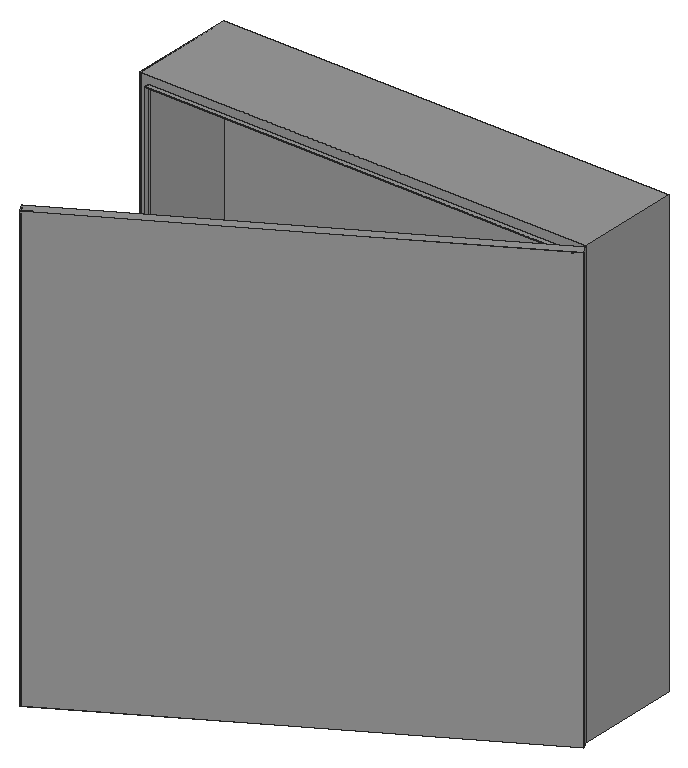
Revit family "Hager-Univers-IP54-D205-H800-Cl.I-Encl-NoHosted-CH-it", category Electrical Equipment, Revit 2020
Family settings
  Panel Configuration = Two Columns, Circuits Across
  Round Connector Dimension = Use Diameter
  Part Type = Panelboard
  Work Plane-Based = Yes
  Always vertical = Yes
  Cut with Voids When Loaded = No
  Shared = No
  Room Calculation Point = No
Parameters (values of type "A parete IP54 L800 A800 P205  - FP53TW2")
  Width Control [instance] = if([EF000008 - Larghezza] > Min Width, [EF000008 - Larghezza], Min Width)  # 800 mm
  Type Comments = [HG000003 - Gamma]  # "Univers"
  Thickness Door [instance] = if([EF009171 - spessore materiale porta/coperchio] > 3 mm, 3 mm, [EF009171 - spessore materiale porta/coperchio])  # 1 mm
  Seal Frame Offset [instance] = 17 mm  # constant formula
  Plinth Visibility [instance] = [HG000027 - Altezza dello zoccolo] > 0 mm  # no
  Min Width [instance] = 100 mm  # constant formula
  Min Depth [instance] = (2 * [EF009170 - spessore materiale scatola]) + 1 mm  # 3 mm
  Min Height [instance] = 100 mm  # constant formula
  Internal Frame Depth [instance] = (Door System Depth * 0.5)  # 9 mm
  Panel Name [instance] = ""  # (empty or 0)
  Model = ""
  HG000027 - Altezza dello zoccolo = 0 mm
  HG000026 - A pavimento = no
  HG000024 - Altezza della sezione inferiore = 600 mm
  HG000023 - Custodia a doppia sezione = no
  HG000016 - Visibilità delle porte nella vista 3D [instance] = yes
  HG000015 - Visibilità attraverso la porta [instance] = no
  HG000014 - Porta destra [instance] = yes
  HG000013 - Porta sinistra [instance] = not([HG000014 - Porta destra])  # no
  HG000012 - Angolo di apertura della porta [instance] = 30.00°
  HG000010 - Porte asimmetriche = no
  HG000009 - Porta doppia a battente = no
  HG000006 - Ad incasso = no
  HG000004 - Codice produttore = "FP53TW2"
  HG000003 - Gamma = "Univers"
  HG000002 - Con porta = yes
  Frame Offset Bottom [instance] = 10 mm  # constant formula
  Frame Offset [instance] = 15 mm  # constant formula
  EF015940 - Coprire con rilascio di sovrapressione = no
  EF011959 - tipo di protezione (NEMA) = ""
  EF009554 - numero delle aperture per la piastra della flangia = 6
  EF009212 - esecuzione coperchio = "EV000116 - chiuso"
  EF009171 - spessore materiale porta/coperchio = 1 mm
  EF009170 - spessore materiale scatola = 1 mm
  EF008873 - corrente nominale (In) = 250 A
  EF007800 - adatto per parafulmine = no
  EF006306 - con serratura = no
  EF006244 - coperchio/porta trasparente = no
  EF005474 - grado di protezione (IP) = "EV006419 - IP54"
  EF004464 - tipo di porta = "EV002646 - singolo"
  EF004427 - numero di moduli = 180
  EF004293 - resistenza agli urti = "EV006815 - IK09"
  EF003532 - adatto per uso esterno = no
  EF002950 - Numero moduli DIN = 36
  EF001613 - Integrità del circuito = "EV000494 - senza"
  EF001596 - Attacco Lampada = "EV000179 - acciaio"
  EF001131 - profondità interna = 205 mm
  EF001088 - possibilità di applicazione = yes
  EF000437 - numero di ingressi per conduttori = 6
  EF000339 - tipo di copertura = "EV001012 - coperchio"
  EF000266 - numero di file = 5
  EF000218 - profondità di incasso = 205 mm
  EF000118 - con piastra di montaggio = no
  EF000116 - numero RAL = "9010"
  EF000049 - profondità = 205 mm
  EF000040 - Altezza = 800 mm
  EF000008 - Larghezza = 800 mm
  EF000007 - colore = "EV000202 - bianco"
  EF000003 - Tipo di montaggio = "EV000384 - A parete"
  Door System Leaf Tolerance [instance] = 1.5 mm  # constant formula
  Door System Depth [instance] = 18 mm  # constant formula
  Door Height [instance] = Height Control - [HG000027 - Altezza dello zoccolo]  # 800 mm
  Description = ""
  Default Elevation = 1219.2 mm
  Connector Offset [instance] = Height Control / 2  # 400 mm
  Manufacturer = "Hager"  # constant formula
  Height Control [instance] = if([EF000040 - Altezza] > Min Height, [EF000040 - Altezza], Min Height)  # 800 mm
  Depth Control [instance] = if([EF000049 - profondità] > Min Depth, [EF000049 - profondità], Min Depth)  # 205 mm
  Bottom Top Plate Trim [instance] = 1.5 mm  # constant formula
  Plinth height Ctrl [instance] = if([HG000027 - Altezza dello zoccolo] > 0 mm, [HG000027 - Altezza dello zoccolo], 12 mm)  # 12 mm
Types (5, lengths in mm): name | Width Control | HG000004 - Codice produttore | EF009554 - numero delle aperture per la piastra della flangia | EF004464 - tipo di porta | EF004427 - numero di moduli | EF002950 - Numero moduli DIN | EF000437 - numero di ingressi per conduttori | EF000008 - Larghezza
  A parete IP54 L1050 A800 P205  - FP54TW2 | 1050 | "FP54TW2" | 8 | "EV003602 - doppio" | 240 | 48 | 8 | 1050
  A parete IP54 L1300 A800 P205  - FP55TW2 | 1300 | "FP55TW2" | 10 | "EV003602 - doppio" | 300 | 60 | 10 | 1300
  A parete IP54 L300 A800 P205  - FP51TW2 | 300 | "FP51TW2" | 2 | "EV002646 - singolo" | 60 | 12 | 2 | 300
  A parete IP54 L550 A800 P205  - FP52TW2 | 550 | "FP52TW2" | 4 | "EV002646 - singolo" | 120 | 24 | 4 | 550
  A parete IP54 L800 A800 P205  - FP53TW2 | 800 | "FP53TW2" | 6 | "EV002646 - singolo" | 180 | 36 | 6 | 800
Reference planes
  plane 1 "Center (Front/Back)": y = 0
  plane 2: z = 0
  plane 3 "Center (Left/Right)": x = 0
  plane 4: y = 0
  plane 5: y = 0
  plane 6: z = 0
  plane 7: x = -400
  plane 8: x = 400
  plane 9: x = 399
  plane 10: x = -399
  plane 11: z = 0
  plane 12: z = 1
  plane 13: y = -205
  plane 14: y = -1
  plane 15: x = 0
  plane 16: y = -187
  plane 17: y = -204
  plane 18: y = -186
  plane 19: x = -384
  plane 20: x = 384
  plane 21: z = 11
  plane 22: x = -383
  plane 23: x = 383
  plane 24: z = 0
  plane 25: z = 800
  plane 26: z = 800
  plane 27: z = 784
  plane 28: z = 799
Forms (mm)
  Extrusion 1, solid, material "Hager_Steel_RAL7035_Light_Grey", detail levels medium+fine
    sketch origin (-208.679, -4572, 0) x (-1, 0, 0) y (0, -1, 0)
      loop
        line (191.321, -4385) -> (-608.679, -4385) -> (-608.679, -4572) -> (191.321, -4572) -> (191.321, -4385)
    from 0 to 800
  Extrusion 2, void
    sketch origin (-350.771, -205, 1219.2) x (1, 0, 0) y (0, 0, 1)
      loop
        line (-48.229, -420.2) -> (-48.229, -1218.2) -> (749.771, -1218.2) -> (749.771, -420.2) -> (-48.229, -420.2)
    from -19 to -204
  Extrusion 3, void
    sketch origin (-290.084, -187, 1219.2) x (1, 0, 0) y (0, 0, 1)
      loop
        line (-93.916, -1208.2) -> (674.084, -1208.2) -> (674.084, -435.2) -> (-93.916, -435.2) -> (-93.916, -1208.2)
    from 0 to -1
  Extrusion 4, solid, material "Hager_Steel_RAL7035_Light_Grey", visible <- "Plinth Visibility", detail levels medium+fine
    sketch origin (0, 0, 0) x (1, 0, 0) y (0, 1, 0)
      loop
        line (-400, 0) -> (-400, -187) -> (400, -187) -> (400, 0) -> (-400, 0)
    from 0 to 12 <- "Plinth height Ctrl"
  Extrusion 5, solid, material "Hager_Steel_RAL7035_Light_Grey", detail levels coarse
    sketch origin (0, 0, 0) x (1, 0, 0) y (0, 1, 0)
      loop
        line (-400, 0) -> (-400, -205) -> (400, -205) -> (400, 0) -> (-400, 0)
    from 0 to 800 <- "Height Control"
  Sweep 6, void
    path in 3D
      loop
        line (-400, -187, 12) -> (400, -187, 12) -> (400, 0, 12) -> (-400, 0, 12) -> (-400, -187, 12)
    profile origin (-400, -93.5, 12) x (1, 0, 0) y (0, 0, 1)
      loop
        line (0, 0) -> (0, -1.5) -> (1.5, -1.5)
        arc (1.5, -1.5) -> (1.061, -0.439) -> (0, 0) r 1.5
  Extrusion 7, solid, material "Hager_Steel_RAL7035_Light_Grey", detail levels fine
    sketch origin (-400, -187, 0) x (1, 0, 0) y (0, 0, 1)
      loop
        line (16, 11) -> (784, 11) -> (784, 784) -> (16, 784) -> (16, 11)
      loop
        line (15, 10) -> (785, 10) -> (785, 785) -> (15, 785) -> (15, 10)
    from 0 to 9 <- "Internal Frame Depth"
Cuts and joins
  Extrusion 2, Extrusion 3 cuts Extrusion 1
  Sweep 6 cuts Extrusion 4
Lines and regions (mm)
  Masking region 1
    outline origin (0, 0, 0) x (1, 0, 0) y (0, 1, 0)
      loop
        line (-400, 0) -> (-400, -205) -> (400, -205) -> (400, 0) -> (-400, 0)
  Masking region 2, detail levels coarse
    outline origin (-290.084, -187, 1219.2) x (-1, 0, 0) y (0, 0, 1)
      loop
        line (-690.084, -1219.2) -> (109.916, -1219.2) -> (109.916, -419.2) -> (-690.084, -419.2) -> (-690.084, -1219.2)
  Masking region 3, detail levels coarse
    outline origin (0, 0, 0) x (0, 1, 0) y (0, 0, 1)
      loop
        line (0, 0) -> (0, 800) -> (-205, 800) -> (-205, 0) -> (0, 0)
  Masking region 4, visible <- "Plinth Visibility", detail levels medium+fine
    outline origin (0, 0, 0) x (0, 1, 0) y (0, 0, 1)
      loop
        line (-1.5, 12) -> (-185.5, 12)
        arc (-185.5, 12) -> (-185.939, 10.939) -> (-187, 10.5) r 1.5
        line (-187, 10.5) -> (-187, 0) -> (0, 0) -> (0, 10.5)
        arc (0, 10.5) -> (-1.061, 10.939) -> (-1.5, 12) r 1.5
  Masking region 5, detail levels medium+fine
    outline origin (0, 0, 594.038) x (0, 1, 0) y (0, 0, 1)
      loop
        line (0, -594.038) -> (0, 205.962) -> (-187, 205.962) -> (-187, -594.038) -> (0, -594.038)
  Masking region 6, detail levels medium+fine
    outline origin (-359.7, -187, 1211.883) x (-1, 0, 0) y (0, 0, 1)
      loop
        line (-759.7, -1211.883) -> (40.3, -1211.883) -> (40.3, -411.883) -> (-759.7, -411.883) -> (-759.7, -1211.883)
  Masking region 7, visible <- "Plinth Visibility", detail levels medium+fine
    outline origin (-320.334, -187, 1041.368) x (-1, 0, 0) y (0, 0, 1)
      loop
        line (-720.334, -1041.368) -> (79.666, -1041.368) -> (79.666, -1030.868)
        arc (79.666, -1030.868) -> (78.606, -1030.429) -> (78.166, -1029.368) r 1.5
        line (78.166, -1029.368) -> (-718.834, -1029.368)
        arc (-718.834, -1029.368) -> (-719.273, -1030.429) -> (-720.334, -1030.868) r 1.5
        line (-720.334, -1030.868) -> (-720.334, -1041.368)
  sketch lines
    curve 1: line (-400, 0, 12) -> (-400, -187, 12)
    curve 2: line (-400, -187, 12) -> (400, -187, 12)
    curve 3: line (400, 0, 12) -> (-400, 0, 12)
    curve 4: line (400, -187, 12) -> (400, 0, 12)
Dimensions and locks
  locked: plane 1 "Center (Front/Back)" to plane 5
  "EF009170 - spessore materiale scatola": plane 7 to plane 10
  "EF009170 - spessore materiale scatola": plane 8 to plane 9
  equal spacing: plane 7, plane 3 "Center (Left/Right)", plane 8
  "Width Control": plane 7 to plane 8
  "Depth Control": plane 4 to plane 13
  "EF009170 - spessore materiale scatola": plane 4 to plane 14
  "Height Control": plane 25 to level
  "HG000027 - Altezza dello zoccolo": plane 11 to level
  "EF009170 - spessore materiale scatola": plane 12 to plane 11
  "EF009170 - spessore materiale scatola": plane 17 to plane 13
  "EF009170 - spessore materiale scatola": plane 18 to plane 16
  "Frame Offset Bottom": plane 21 to plane 12
  "Frame Offset": plane 10 to plane 19
  "Frame Offset": plane 9 to plane 20
  "Door System Depth": plane 16 to plane 13
  "Seal Frame Offset": plane 7 to plane 22
  "Seal Frame Offset": plane 8 to plane 23
  "EF009170 - spessore materiale scatola": plane 26 to plane 28
  "Frame Offset": plane 28 to plane 27
  "Connector Offset": plane 2 to connector elem
  "Bottom Top Plate Trim": profile plane to Sweep 6 sketch curve
  "Bottom Top Plate Trim": Sweep 6 sketch curve to Sweep 6 sketch curve
  "Plinth height Ctrl": Masking region 4 sketch curve to level
  "Plinth height Ctrl": Masking region 7 sketch curve to level
  "Thickness Door": Extrusion 7 sketch curve to Extrusion 7 sketch curve  (x4)
  "Bottom Top Plate Trim": radius of Sweep 6 sketch curve
  "Bottom Top Plate Trim": radius of Masking region 4 sketch curve  (x2)
  "Bottom Top Plate Trim": radius of Masking region 7 sketch curve  (x2)
  aligned and locked: Extrusion 2 sketch curve to plane 12
  aligned and locked: Extrusion 2 sketch curve to plane 9
  aligned and locked: Extrusion 2 sketch curve to plane 10
  aligned and locked: Extrusion 2 to plane 14
  aligned and locked: Extrusion 1 sketch curve to plane 4
  aligned and locked: plane 8 to Extrusion 1 sketch curve
  aligned and locked: plane 7 to Extrusion 1 sketch curve
  aligned and locked: Extrusion 2 to plane 18
  aligned and locked: Extrusion 3 sketch curve to plane 19
  aligned and locked: plane 20 to Extrusion 3 sketch curve
  aligned and locked: Extrusion 3 to Extrusion 2
  aligned and locked: Extrusion 3 sketch curve to plane 21
  aligned and locked: plane 3 "Center (Left/Right)" to nested 1
  aligned and locked: Extrusion 1 sketch curve to plane 16
  aligned and locked: Extrusion 4 sketch curve to cut or joined group of Extrusion 1, Extrusion 2, Extrusion 3
  aligned and locked: Masking region 1 sketch curve to plane 7
  aligned and locked: Masking region 1 sketch curve to plane 5
  aligned and locked: Masking region 1 sketch curve to plane 8
  aligned and locked: Masking region 2 sketch curve to level
  aligned and locked: level to Masking region 3 sketch curve
  aligned and locked: plane 1 "Center (Front/Back)" to Masking region 3 sketch curve
  aligned and locked: plane 13 to Masking region 3 sketch curve
  aligned and locked: plane 5 to Masking region 4 sketch curve
  aligned and locked: Masking region 2 sketch curve to plane 8
  aligned and locked: Masking region 2 sketch curve to plane 7
  aligned and locked: plane 7 to nested 2
  aligned and locked: nested 2 to plane 5
  aligned and locked: plane 5 to Masking region 5 sketch curve
  aligned and locked: plane 26 to Masking region 5 sketch curve
  aligned and locked: Extrusion 5 sketch curve to plane 8
  aligned and locked: Extrusion 5 sketch curve to plane 7
  aligned and locked: Extrusion 5 sketch curve to plane 5
  aligned and locked: Extrusion 3 sketch curve to plane 27
  aligned and locked: Extrusion 2 sketch curve to plane 28
  aligned and locked: Masking region 2 to plane 25
  aligned and locked: Extrusion 4 to plane 16
  aligned and locked: profile plane to Sweep 6 sketch curve
  aligned and locked: Masking region 5 sketch curve to plane 24
  aligned and locked: level to Masking region 4 sketch curve
  aligned and locked: Masking region 1 to plane 13
  aligned and locked: nested 1 to plane 16
  aligned and locked: Masking region 3 to plane 25
  aligned and locked: plane 16 to Masking region 4 sketch curve
  aligned and locked: Masking region 5 sketch curve to plane 16
  aligned and locked: plane 24 to plane 11
  aligned and locked: plane 26 to plane 25
  aligned and locked: plane 26 to cut or joined group of Extrusion 1, Extrusion 2, Extrusion 3
  aligned and locked: nested 1 to plane 24
  aligned and locked: Extrusion 1 to Extrusion 3
  aligned and locked: Masking region 6 sketch curve to plane 8
  aligned and locked: Masking region 6 sketch curve to plane 24
  aligned and locked: Masking region 6 sketch curve to plane 7
  aligned and locked: Masking region 6 sketch curve to plane 26
  aligned and locked: Masking region 7 sketch curve to plane 7
  aligned and locked: level to Masking region 7 sketch curve
  aligned and locked: Masking region 7 sketch curve to plane 8
  aligned and locked: Extrusion 7 sketch curve to cut or joined group of Extrusion 1, Extrusion 2, Extrusion 3  (x4)
Automatic sketch dimensions
  plane 19 to Extrusion 3 sketch curve = 0 mm
  Extrusion 3 sketch curve to plane 20 = 0 mm
  Extrusion 3 sketch curve to plane 21 = 0 mm
  Extrusion 4 sketch curve to plane 7 = 0 mm
  Extrusion 4 sketch curve to plane 8 = 0 mm
  Extrusion 4 sketch curve to plane 16 = 0 mm
  Masking region 1 sketch curve to plane 13 = 0 mm
  Masking region 2 sketch curve to plane 25 = 0 mm
  Masking region 3 sketch curve to plane 25 = 0 mm
  Extrusion 5 sketch curve to plane 13 = 0 mm
  profile plane to Sweep 6 sketch curve = 0 mm
Nested families
  nested 1: "EC000058_Univers_Door" at (0, -187, 0), Double <- "HG000009 - Porta doppia a battente", Transparent <- "EF006244 - coperchio/porta trasparente", Angle <- "HG000012 - Angolo di apertura della porta", Door_Right <- "HG000014 - Porta destra", Assymetrical <- "HG000010 - Porte asimmetriche", Door <- "HG000002 - Con porta", Width_Ctrl <- "Width Control", 3d_Door <- "HG000016 - Visibilità delle porte nella vista 3D", Clearance <- "HG000015 - Visibilità attraverso la porta", Door_Left <- "HG000013 - Porta sinistra", Width <- "Width Control", Door_Depth <- "Door System Depth", Leaf_Tolerance <- "Door System Leaf Tolerance", Height <- "Door Height", Lock_Visibility <- "EF006306 - con serratura", Thickness <- "Thickness Door", type "EC000058_Univers_Door", detail levels medium+fine
    with min_wh 3 mm, Width_Ctrl 800 mm, Width 800 mm, Transparent no, Thickness 1 mm, Seal_Material Hager_Rubber, Lock_Visibility no, Lock_Material Hager_Plastic_RAL9005_Jet_Black, Leaf_Width 800 mm, Leaf_Tolerance_External_Sides 0 mm, Leaf_Tolerance 1.5 mm, Leaf_Offset 0 mm, Leaf_Height 797 mm, Leaf_2_Width 800 mm, Leaf_2_Offset 400 mm, Leaf_1_Width 800 mm, Leaf_1_Offset 400 mm, Height_Ctrl 800 mm, Height 800 mm, Glass_Material Hager_Glass, Double_Clearance_Ctrl no, Double no, Door_Right_Ctrl yes, Door_Right yes, Door_Material Hager_Steel_RAL7035_Light_Grey, Door_Left_Ctrl no, Door_Left no, Door_Depth 18 mm, Door yes, Clearance_Material Hager_Clearance, Clearance_Depth 800 mm, Clearance_Ctrl no, Clearance no, Assymetrical no, Angle 30.00°, 3d_Door yes
  nested 2: "Hager_Enclosure_Symbol" at (-400, 0, 0), Height <- "Depth Control", Width <- "Width Control", type "Hager_Enclosure_Symbol"
    with Width_Ctrl 800 mm, Width 800 mm, Height_Ctrl 205 mm, Height 205 mm, A_Width_Int 13.453 mm, A_Width 161.438 mm, A_Height_Ctrl 179.375 mm, A_Height 179.375 mm
Connectors
  electrical at (0, 0, 400)
    settings: on plane 1 "Center (Front/Back)", index 1, voltage 0 V, apparent load 0 VA, apparent load phase1 0 VA, apparent load phase2 0 VA, apparent load phase3 0 VA, power factor 1, load classification "Other", number of poles 1, system type 30, power factor state 1, is connector primary yes, connector utility no, sub classification motor no, connector description ""
Definition of nested family "EC000058_Univers_Door"
  Parameters (values of type "EC000058_Univers_Door")
    min_wh [instance] = (2 * Thickness) + 1 mm  # 11 mm
    Width_Ctrl [instance] = 400 mm
    Width [instance] = 500 mm
    Transparent [instance] = yes
    Thickness [instance] = 5 mm
    Seal_Material [instance] = none
    Lock_Visibility [instance] = yes
    Lock_Material [instance] = none
    Leaf_Width [instance] = if((Width_Ctrl - 2 * Leaf_Tolerance_External_Sides) > 0 mm, (Width_Ctrl - 2 * Leaf_Tolerance_External_Sides), min_wh)  # 400 mm
    Leaf_Tolerance_External_Sides [instance] = 0 mm  # constant formula
    Leaf_Tolerance [instance] = 1.5 mm
    Leaf_Offset [instance] = 0 mm  # constant formula
    Leaf_Height [instance] = if((Height_Ctrl - 2 * Leaf_Tolerance) > 0 mm, (Height_Ctrl - 2 * Leaf_Tolerance), min_wh)  # 497 mm
    Leaf_2_Width [instance] = if(and(and(Double, Assymetrical), Door_Left), (Leaf_Width / 3) - (Leaf_Tolerance / 2), if(and(and(Double, Assymetrical), Door_Right), (Leaf_Width / 3) * 2 - (Leaf_Tolerance / 2), if(and(Double, not(Assymetrical)), (Leaf_Width / 2) - Leaf_Tolerance, Leaf_Width)))  # 400 mm
    Leaf_2_Offset [instance] = if(and(Double, Assymetrical), Leaf_2_Width / 2, if(and(Double, not(Assymetrical)), Leaf_Width / 4, Leaf_Width / 2))  # 200 mm
    Leaf_1_Width [instance] = if(and(and(Double, Assymetrical), Door_Right), (Leaf_Width / 3) - (Leaf_Tolerance / 2), if(and(and(Double, Assymetrical), Door_Left), (Width / 3) * 2 - (Leaf_Tolerance / 2), if(and(Double, not(Assymetrical)), (Leaf_Width / 2) - Leaf_Tolerance, Leaf_Width)))  # 400 mm
    Leaf_1_Offset [instance] = if(and(Double, Assymetrical), Leaf_1_Width / 2, if(and(Double, not(Assymetrical)), Leaf_Width / 4, Leaf_Width / 2))  # 200 mm
    Height_Ctrl [instance] = if(Height > min_wh, Height, min_wh)  # 500 mm
    Height [instance] = 500 mm
    Glass_Material [instance] = none
    Double_Clearance_Ctrl [instance] = and(Double, Clearance)  # no
    Double [instance] = no
    Door_Right_Ctrl [instance] = and(or(Door_Right, Double), Door)  # yes
    Door_Right [instance] = yes
    Door_Material [instance] = none
    Door_Left_Ctrl [instance] = and(or(Door_Left, Double), Door)  # no
    Door_Left [instance] = no
    Door_Depth [instance] = 30 mm
    Door [instance] = yes
    Default Elevation = 1219.2 mm
    Clearance_Material [instance] = none
    Clearance_Depth [instance] = if(Leaf_1_Width > Leaf_2_Width, Leaf_1_Width, Leaf_2_Width)  # 400 mm
    Clearance_Ctrl [instance] = and(not(Double), Clearance)  # yes
    Clearance [instance] = yes
    Assymetrical [instance] = yes
    Angle [instance] = 30.00°
    3d_Door [instance] = yes
  Reference planes
    plane 1 "Center (Front/Back)": y = 0
    plane 2 "Bottom": z = 0
    plane 3 "Center (Left/Right)": x = 0
    plane 4: z = 500
    plane 5: x = -200
    plane 6: x = 200
    plane 7: z = 500
    plane 8: x = -200
    plane 9: z = 0
    plane 10: x = 200
    plane 11: y = 0
    plane 12: z = 1.5
    plane 13: x = -600
    plane 14: y = -400
    plane 15: x = 600
    plane 16: x = 0
    plane 17: x = 0
    plane 18: x = -200
    plane 19: x = 200
    plane 20: z = 498.5
  Forms (mm)
    Extrusion 1, solid, material <- "Clearance_Material", visible <- "Double_Clearance_Ctrl"
      sketch origin (1200, 0, 0) x (1, 0, 0) y (0, 0, -1)
        loop
          line (-1800, -498.5) -> (-600, -498.5) -> (-600, 0) -> (-1800, 0) -> (-1800, -498.5)
      from 0 to -400
  Dimensions and locks
    equal spacing: plane 5, plane 3 "Center (Left/Right)", plane 6
    "Width_Ctrl": plane 5 to plane 6
    "Leaf_Offset": plane 5 to plane 8
    "Leaf_Offset": plane 6 to plane 10
    "Leaf_Offset": plane 9 to level
    "Leaf_Offset": plane 4 to plane 7
    "Height_Ctrl": plane 4 to level
    "Leaf_Tolerance": plane 12 to plane 9
    locked: plane 11 to plane 1 "Center (Front/Back)"
    "Leaf_1_Offset": plane 18 to plane 16
    "Leaf_2_Offset": plane 17 to plane 19
    "Leaf_1_Width": plane 13 to plane 8
    "Leaf_2_Width": plane 10 to plane 15
    "Clearance_Depth": plane 14 to plane 1 "Center (Front/Back)"
    "Leaf_Tolerance_External_Sides": plane 8 to plane 18
    "Leaf_Tolerance_External_Sides": plane 19 to plane 10
    "Leaf_Tolerance": plane 7 to plane 20
    aligned and locked: level to plane 2 "Bottom"
    aligned and locked: nested 1 to plane 16
    aligned and locked: nested 2 to plane 17
    aligned and locked: Extrusion 1 to plane 13
    aligned and locked: plane 15 to Extrusion 1
    aligned and locked: Extrusion 1 to plane 14
    aligned and locked: plane 12 to nested 1
    aligned and locked: nested 2 to plane 12
    aligned and locked: Extrusion 1 to plane 11
    aligned and locked: plane 20 to Extrusion 1
    aligned and locked: nested 2 to plane 11
    aligned and locked: nested 1 to plane 11
  Automatic sketch dimensions
    Extrusion 1 sketch curve to level = 0 mm
    plane 5 to Extrusion 1 sketch curve = 400 mm
    plane 6 to Extrusion 1 sketch curve = 400 mm
    Extrusion 1 sketch curve to plane 4 = 1.5 mm
  Nested families
    nested 1: "EC000058_Univers_Door_Leaf" at (0, 0, 1.5), Width <- "Leaf_1_Width", visible <- "Door_Left_Ctrl", Leaf_Height <- "Leaf_Height", Angle <- "Angle", 3d_Door <- "3d_Door", Transparent <- "Transparent", Clearance Material <- "Clearance_Material", Clearance <- "Clearance_Ctrl", Door_Material <- "Door_Material", Glass_Material <- "Glass_Material", Door_Depth <- "Door_Depth", Lock_Material <- "Lock_Material", Seal_Material <- "Seal_Material", Lock_Visibility <- "Lock_Visibility", Thickness <- "Thickness", type "EC000058_Univers_Door_Leaf"
      with Width 400 mm, Transparent_Glass_Offset 30 mm, Transparent_Ctrl yes, Transparent yes, Thickness 5 mm, Standard no, Seal_Material none, Seal_D2 8 mm, Seal_D1 1 mm, Offset_Internal_Frame 10 mm, Lock_Width 20 mm, Lock_Visibility_3d yes, Lock_Visibility yes, Lock_Thickness_3 3 mm, Lock_Thickness_2 1 mm, Lock_Thickness_1 3 mm, Lock_Radius_Offset_2 16 mm, Lock_Radius_Offset_1 15 mm, Lock_Radius_2 5 mm, Lock_Radius 6 mm, Lock_Offset 5 mm, Lock_Material none, Lock_Height 80 mm, Lock_Cover_Top_Offset_2d 17 mm, Lock_Cover_Height -65 mm, Leaf_Height 497 mm, Internal_Seal_Thickness 8 mm, Internal_Seal_Depth_2 4.5 mm, Internal_Frame_Depth 25 mm, Glass_Thickness -1 mm, Glass_Offset -2 mm, Glass_Material none, Door_Material none, Door_Depth 30 mm, Clearance Material none, Clearance yes, Angle_Ctrl 30.00°, Angle 30.00°, 3d_Door yes
    nested 2: "EC000058_Univers_Door_Leaf" at (0, 0, 1.5) x (-1, 0, 0) z (0, 0, 1), Width <- "Leaf_2_Width", visible <- "Door_Right_Ctrl", Leaf_Height <- "Leaf_Height", Angle <- "Angle", 3d_Door <- "3d_Door", Transparent <- "Transparent", Clearance Material <- "Clearance_Material", Clearance <- "Clearance_Ctrl", Door_Material <- "Door_Material", Glass_Material <- "Glass_Material", Door_Depth <- "Door_Depth", Lock_Material <- "Lock_Material", Seal_Material <- "Seal_Material", Lock_Visibility <- "Lock_Visibility", Thickness <- "Thickness", type "EC000058_Univers_Door_Leaf"
      with Width 400 mm, Transparent_Glass_Offset 30 mm, Transparent_Ctrl yes, Transparent yes, Thickness 5 mm, Standard no, Seal_Material none, Seal_D2 8 mm, Seal_D1 1 mm, Offset_Internal_Frame 10 mm, Lock_Width 20 mm, Lock_Visibility_3d yes, Lock_Visibility yes, Lock_Thickness_3 3 mm, Lock_Thickness_2 1 mm, Lock_Thickness_1 3 mm, Lock_Radius_Offset_2 16 mm, Lock_Radius_Offset_1 15 mm, Lock_Radius_2 5 mm, Lock_Radius 6 mm, Lock_Offset 5 mm, Lock_Material none, Lock_Height 80 mm, Lock_Cover_Top_Offset_2d 17 mm, Lock_Cover_Height -65 mm, Leaf_Height 497 mm, Internal_Seal_Thickness 8 mm, Internal_Seal_Depth_2 4.5 mm, Internal_Frame_Depth 25 mm, Glass_Thickness -1 mm, Glass_Offset -2 mm, Glass_Material none, Door_Material none, Door_Depth 30 mm, Clearance Material none, Clearance yes, Angle_Ctrl 30.00°, Angle 30.00°, 3d_Door yes
  Definition of nested family "EC000058_Univers_Door_Leaf"
    Parameters (values of type "EC000058_Univers_Door_Leaf")
      Width [instance] = 2000 mm
      Transparent_Glass_Offset [instance] = 30 mm
      Transparent_Ctrl [instance] = and(Transparent, [3d_Door])  # yes
      Transparent [instance] = yes
      Thickness [instance] = 5 mm
      Standard [instance] = and(not(Transparent), [3d_Door])  # no
      Seal_Material [instance] = none
      Seal_D2 [instance] = 8 mm  # constant formula
      Seal_D1 [instance] = 1 mm  # constant formula
      Offset_Internal_Frame [instance] = 10 mm  # constant formula
      Lock_Width [instance] = 20 mm  # constant formula
      Lock_Visibility_3d [instance] = and(Lock_Visibility, [3d_Door])  # yes
      Lock_Visibility [instance] = yes
      Lock_Thickness_3 [instance] = 3 mm  # constant formula
      Lock_Thickness_2 [instance] = 1 mm  # constant formula
      Lock_Thickness_1 [instance] = 3 mm  # constant formula
      Lock_Radius_Offset_2 [instance] = Lock_Radius_Offset_1 + 1 mm  # 16 mm
      Lock_Radius_Offset_1 [instance] = 15 mm  # constant formula
      Lock_Radius_2 [instance] = Lock_Radius - 1 mm  # 5 mm
      Lock_Radius [instance] = 6 mm  # constant formula
      Lock_Offset [instance] = 5 mm  # constant formula
      Lock_Material [instance] = none
      Lock_Height [instance] = 80 mm  # constant formula
      Lock_Cover_Top_Offset_2d [instance] = Lock_Radius_Offset_2 + 1 mm  # 17 mm
      Lock_Cover_Height [instance] = -(Lock_Height - Lock_Radius_Offset_1)  # -65 mm
      Leaf_Height [instance] = 2720.336 mm
      Internal_Seal_Thickness [instance] = 8 mm  # constant formula
      Internal_Seal_Depth_2 [instance] = 4.5 mm  # constant formula
      Internal_Frame_Depth [instance] = if(Door_Depth - Thickness > 5 mm, Door_Depth - Thickness, 5 mm)  # 25 mm
      Glass_Thickness [instance] = if(Thickness > 15 mm, Glass_Offset + 10 mm, -1 mm)  # -1 mm
      Glass_Offset [instance] = if(Thickness > 15 mm, -(Thickness + 10 mm) / 2, -2 mm)  # -2 mm
      Glass_Material [instance] = none
      Door_Material [instance] = none
      Door_Depth [instance] = 30 mm
      Default Elevation = 0 mm
      Clearance Material [instance] = none
      Clearance [instance] = yes
      Angle_Ctrl [instance] = if(Angle > 180.00°, 180.00°, Angle)  # 90.00°
      Angle [instance] = 90.00°
      3d_Door [instance] = yes
    Reference planes
      plane 1 "Center (Front/Back)": y = 0
      plane 2: z = 0
      plane 3 "Center (Left/Right)": x = 0
      plane 4: y = 2000
      plane 5: x = -1000
      plane 6: x = 1000
      plane 7: x = -3000
      plane 8: z = 2720.336
      plane 9: z = 30
      plane 10: z = 2690.336
      plane 11: x = 970
      plane 12: x = -970
      plane 13: y = -3
      plane 14: z = 107.833
      plane 15: y = -5
      plane 16: y = -223.314
      plane 17: x = -1000
      plane 18: z = 1360.168
      plane 19: y = 30
    Forms (mm)
      Extrusion 1, solid, material <- "Clearance Material", visible <- "Clearance"
        sketch origin (0, 0, 0) x (1, 0, 0) y (0, 0, 1)
          loop
            line (-3000, 2720.336) -> (-3000, 0) -> (1000, 0) -> (1000, 2720.336) -> (-3000, 2720.336)
        from 0 to -2000
      Extrusion 2, solid, material <- "Door_Material", visible <- "Standard", detail levels medium+fine
        sketch origin (-1000, 0, 0) x (0, 1, 0) y (-1, 0, 0)
          loop
            line (0, 30) -> (0, 25) -> (2000, 25) -> (2000, 30) -> (0, 30)
        from 0 to 2720.336 <- "Leaf_Height"
      Extrusion 3, solid, material <- "Door_Material", visible <- "Transparent_Ctrl", detail levels medium+fine
        sketch origin (-1000, 0, 0) x (0, 1, 0) y (-1, 0, 0)
          loop
            line (0, 25) -> (2000, 25) -> (2000, 30) -> (0, 30) -> (0, 25)
        from 0 to 2720.336 <- "Leaf_Height"
      Extrusion 4, void
        sketch origin (-1025, 2000, 0) x (0, 1, 0) y (0, 0, -1)
          loop
            line (-30, -2690.336) -> (-30, -30) -> (-1970, -30) -> (-1970, -2690.336) -> (-30, -2690.336)
        from 0 to 5 <- "Thickness"
      Sweep 5, solid, material <- "Seal_Material", visible <- "Transparent_Ctrl", detail levels fine
        path in 3D
          loop
            line (-1025, 30, 30) -> (-1025, 30, 2690.336) -> (-1025, 1970, 2690.336) -> (-1025, 1970, 30) -> (-1025, 30, 30)
        profile origin (-1025, 1000, 30) x (1, 0, 0) y (0, 0, 1)
          loop
            line (0, 0) -> (0, -8) -> (1, -8) -> (1, 0) -> (0, 0)
      Extrusion 6, solid, material <- "Glass_Material", visible <- "Transparent_Ctrl", detail levels medium+fine
        sketch origin (-1030, 0, 0) x (0, 1, 0) y (0, 0, -1)
          loop
            line (1970, -2690.336) -> (1970, -30) -> (30, -30) -> (30, -2690.336) -> (1970, -2690.336)
        from -2 <- "Glass_Offset" to -1 <- "Glass_Thickness"
      Extrusion 7, solid, material <- "Door_Material", visible <- "3d_Door", detail levels medium+fine
        sketch origin (-1025, 2000, 0) x (0, -1, 0) y (0, 0, -1)
          loop
            line (0, -2720.336) -> (2000, -2720.336) -> (2000, 0) -> (0, 0) -> (0, -2720.336)
          loop
            line (1995, -5) -> (5, -5) -> (5, -2715.336) -> (1995, -2715.336) -> (1995, -5)
        from 0 to 25 <- "Internal_Frame_Depth"
      Sweep 8, solid, material <- "Seal_Material", visible <- "Transparent_Ctrl", detail levels fine
        path in 3D
          loop
            line (-1025, 0, 0) -> (-1025, 2000, 0) -> (-1025, 2000, 2720.336) -> (-1025, 0, 2720.336) -> (-1025, 0, 0)
        profile origin (-1025, 0, 1360.168) x (1, 0, 0) y (0, 1, 0)
          loop
            line (0, 10) -> (2.975, 10)
            arc (2.975, 10) -> (4.053, 10.447) -> (4.5, 11.525) r 1.525
            line (4.5, 11.525) -> (4.5, 16.527)
            arc (4.5, 16.527) -> (4.069, 17.569) -> (3.027, 18) r 1.473
            line (3.027, 18) -> (0, 18) -> (0, 10)
      Extrusion 9, solid, material <- "Lock_Material", visible <- "Lock_Visibility_3d", detail levels fine
        sketch origin (-1030, 0, 0) x (0, 1, 0) y (0, 0, -1)
          loop
            arc (1993.5, -1400.168) -> (1994.561, -1399.729) -> (1995, -1398.668) r 1.5
            line (1995, -1398.668) -> (1995, -1320.168) -> (1975, -1320.168) -> (1975, -1398.668)
            arc (1975, -1398.668) -> (1975.439, -1399.729) -> (1976.5, -1400.168) r 1.5
            line (1976.5, -1400.168) -> (1993.5, -1400.168)
        from 3 <- "Lock_Thickness_1" to 0
      Blend 10, solid, material <- "Lock_Material", visible <- "Lock_Visibility_3d", detail levels fine
        base sketch origin (-1033, 0, 0) x (0, 1, 0) y (0, 0, -1)
          loop
            line (1975, -1320.168) -> (1975, -1398.668)
            arc (1975, -1398.668) -> (1975.439, -1399.729) -> (1976.5, -1400.168) r 1.5
            line (1976.5, -1400.168) -> (1993.5, -1400.168)
            arc (1993.5, -1400.168) -> (1994.561, -1399.729) -> (1995, -1398.668) r 1.5
            line (1995, -1398.668) -> (1995, -1320.168) -> (1975, -1320.168)
        top sketch origin (-1033, 0, 0) x (0, 1, 0) y (0, 0, -1)
          loop
            line (1976, -1320.168) -> (1976, -1398.668)
            arc (1976, -1398.668) -> (1976.146, -1399.022) -> (1976.5, -1399.168) r 0.5
            line (1976.5, -1399.168) -> (1993.5, -1399.168)
            arc (1993.5, -1399.168) -> (1993.854, -1399.022) -> (1994, -1398.668) r 0.5
            line (1994, -1398.668) -> (1994, -1320.168) -> (1976, -1320.168)
        from 0 to 1 <- "Lock_Thickness_2"
      Blend 11, solid, material <- "Lock_Material", visible <- "Lock_Visibility_3d", detail levels fine
        base sketch origin (-1034, 0, 0) x (0, 1, 0) y (0, 0, -1)
          loop
            line (1978, -1320.168) -> (1978, -1384.168)
            arc (1978, -1384.168) -> (1985, -1391.168) -> (1992, -1384.168) r 7
            line (1992, -1384.168) -> (1992, -1320.168) -> (1978, -1320.168)
        top sketch origin (-1034, 0, 0) x (0, 1, 0) y (0, 0, -1)
          loop
            line (1991, -1320.168) -> (1979, -1320.168) -> (1979, -1383.168)
            arc (1979, -1383.168) -> (1985, -1389.168) -> (1991, -1383.168) r 6
            line (1991, -1383.168) -> (1991, -1320.168)
        from 0 to 3 <- "Lock_Thickness_3"
      Extrusion 12, solid, material <- "Lock_Material", visible <- "Lock_Visibility_3d", detail levels fine
        sketch origin (-1030, 1975, 1320.168) x (1, 0, 0) y (0, -1, 0)
          loop
            line (-7, -19) -> (-7, -1) -> (0, -1) -> (0, 0) -> (-8, 0) -> (-8, -20) -> (0, -20) -> (0, -19) -> (-7, -19)
        from 0 to -65 <- "Lock_Cover_Height"
      Extrusion 13, void
        sketch origin (-1038, 1995, 1320.168) x (-1, 0, 0) y (0, 0, -1)
          loop
            line (-5, -65) -> (0, -65) -> (-5, -60) -> (-5, -65)
        from 0 to 20 <- "Lock_Width"
      Extrusion 14, void
        sketch origin (-1038, 1975, 1320.168) x (0, -1, 0) y (0, 0, -1)
          loop
            circle (-10, -15.995) r 6
          loop
            circle (-10, -15.995) r 5
        from 0 to 2
      Extrusion 15, solid, material <- "Lock_Material", visible <- "Lock_Visibility_3d", detail levels medium
        sketch origin (-1030, 0, 0) x (0, 1, 0) y (0, 0, -1)
          loop
            arc (1993.5, -1400.168) -> (1994.561, -1399.729) -> (1995, -1398.668) r 1.5
            line (1995, -1398.668) -> (1995, -1320.168) -> (1975, -1320.168) -> (1975, -1398.668)
            arc (1975, -1398.668) -> (1975.439, -1399.729) -> (1976.5, -1400.168) r 1.5
            line (1976.5, -1400.168) -> (1993.5, -1400.168)
        from 8 to 0
    Cuts and joins
      Extrusion 4 cuts Extrusion 3
      Extrusion 13, Extrusion 14 cuts Extrusion 9
      Extrusion 14 cuts Blend 11
      Extrusion 13, Extrusion 14 cuts Extrusion 12
      joined: Extrusion 9, Blend 10, Blend 11, Extrusion 12
      Extrusion 14 cuts Extrusion 15
    Lines and regions (mm)
      Masking region 1, visible <- "Lock_Visibility", detail levels fine
        outline origin (0, 0, 0) x (0, 1, 0) y (0, 0, 1)
          loop
            line (30, 1320.168) -> (33, 1320.168) -> (33, 1400.168) -> (30, 1400.168) -> (30, 1320.168)
      Masking region 2, visible <- "Lock_Visibility", detail levels fine
        outline origin (0, 3.143, 0) x (0, 1, 0) y (0, 0, 1)
          loop
            line (29.857, 1354.168) -> (30.857, 1354.168) -> (30.857, 1366.168) -> (29.857, 1366.168) -> (29.857, 1354.168)
      Masking region 3, detail levels medium+fine
        outline origin (0, 0, 0) x (0, 1, 0) y (0, 0, 1)
          loop
            line (0, 0) -> (30, 0) -> (30, 2720.336) -> (0, 2720.336) -> (0, 0)
      Masking region 4, detail levels medium+fine
        outline origin (0, 0, 0) x (1, 0, 0) y (0, 0, 1)
          loop
            line (-1000, 2720.336) -> (-1000, 0) -> (1000, 0) -> (1000, 2720.336) -> (-1000, 2720.336)
      Masking region 5, visible <- "Lock_Visibility", detail levels fine
        outline origin (-47.116, 0, 0) x (1, 0, 0) y (0, 0, 1)
          loop
            arc (1024.616, 1399.168) -> (1023.556, 1398.729) -> (1023.116, 1397.668) r 1.5
            line (1023.116, 1397.668) -> (1023.116, 1320.168) -> (1041.116, 1320.168) -> (1041.116, 1397.668)
            arc (1041.116, 1397.668) -> (1040.677, 1398.729) -> (1039.616, 1399.168) r 1.5
            line (1039.616, 1399.168) -> (1024.616, 1399.168)
      Masking region 6, visible <- "Lock_Visibility", detail levels medium+fine
        outline origin (-25, 0, 0) x (1, 0, 0) y (0, 0, 1)
          loop
            arc (1001.5, 1400.168) -> (1000.439, 1399.729) -> (1000, 1398.668) r 1.5
            line (1000, 1398.668) -> (1000, 1320.168) -> (1020, 1320.168) -> (1020, 1398.668)
            arc (1020, 1398.668) -> (1019.561, 1399.729) -> (1018.5, 1400.168) r 1.5
            line (1018.5, 1400.168) -> (1001.5, 1400.168)
      Masking region 7, visible <- "Lock_Visibility", detail levels fine
        outline origin (-73.735, 0, 0) x (1, 0, 0) y (0, 0, 1)
          loop
            line (1051.735, 1382.168) -> (1065.735, 1382.168) -> (1065.735, 1384.168)
            arc (1065.735, 1384.168) -> (1058.735, 1391.168) -> (1051.735, 1384.168) r 7
            line (1051.735, 1384.168) -> (1051.735, 1382.168)
      Masking region 8, visible <- "Lock_Visibility", detail levels fine
        outline origin (-73.735, 0, 0) x (1, 0, 0) y (0, 0, 1)
          loop
            line (1052.735, 1382.168) -> (1064.735, 1382.168) -> (1064.735, 1383.168)
            arc (1064.735, 1383.168) -> (1058.735, 1389.168) -> (1052.735, 1383.168) r 6
            line (1052.735, 1383.168) -> (1052.735, 1382.168)
      Masking region 9, visible <- "Lock_Visibility", detail levels fine
        outline origin (-25, 0, 0) x (1, 0, 0) y (0, 0, 1)
          loop
            line (1020, 1320.168) -> (1020, 1382.168) -> (1000, 1382.168) -> (1000, 1320.168) -> (1020, 1320.168)
      Masking region 10, detail levels medium+fine
        outline origin (0, 0, 0) x (1, 0, 0) y (0, 0, 1)
          loop
            circle (985, 1335.144) r 6
      Masking region 11, detail levels fine
        outline origin (0, 0, 0) x (1, 0, 0) y (0, 0, 1)
          loop
            circle (985, 1335.144) r 5
      Masking region 12, visible <- "Lock_Visibility", detail levels fine
        outline origin (0, 12.767, 0) x (0, 1, 0) y (0, 0, 1)
          loop
            line (20.233, 1320.168) -> (21.233, 1320.168) -> (21.233, 1399.168) -> (20.233, 1400.168) -> (20.233, 1320.168)
      Masking region 13, visible <- "Lock_Visibility", detail levels fine
        outline origin (0, 13.767, -10) x (0, 1, 0) y (0, 0, 1)
          loop
            line (20.233, 1330.168) -> (23.233, 1330.168) -> (23.233, 1399.168) -> (20.233, 1402.168) -> (20.233, 1330.168)
      Masking region 14, visible <- "Lock_Visibility", detail levels fine
        outline origin (0, 12.767, -10) x (0, 1, 0) y (0, 0, 1)
          loop
            line (20.233, 1330.168) -> (25.233, 1330.168) -> (25.233, 1399.305) -> (20.233, 1394.305) -> (20.233, 1330.168)
      Masking region 15, visible <- "Lock_Visibility", detail levels medium
        outline origin (0, 0, 0) x (0, 1, 0) y (0, 0, 1)
          loop
            line (30, 1320.168) -> (38, 1320.168) -> (38, 1400.168) -> (30, 1400.168) -> (30, 1320.168)
      Masking region 16, visible <- "Lock_Visibility", detail levels fine
        outline origin (-1000, 0, 0) x (0, 1, 0) y (-1, 0, 0)
          loop
            line (1975, 30) -> (1995, 30) -> (1995, 38) -> (1975, 38) -> (1975, 30)
          loop
            line (1979, 37) -> (1976, 37) -> (1976, 34) -> (1978, 34) -> (1979, 37)
          loop
            line (1994, 37) -> (1991, 37) -> (1992, 34) -> (1994, 34) -> (1994, 37)
      Masking region 17, visible <- "Lock_Visibility", detail levels medium
        outline origin (-1000, 0, 0) x (0, 1, 0) y (-1, 0, 0)
          loop
            line (1975, 30) -> (1995, 30) -> (1995, 38) -> (1975, 38) -> (1975, 30)
      symbolic lines
        curve 1: line (1000, 0, 0) -> (-3000, 0, 0)
        curve 2: arc (1000, 0, 0) -> (-1000, 2000, 0) -> (-3000, 0, 0) r 2000
        curve 4: line (-1030, 0, 0) -> (-1030, 2000, 0)
      reference lines
        curve 3: line (-1000, 0, 0) -> (-1000, 2000, 0)
      symbolic lines, detail levels medium+fine
        curve 5: line (-1030, 2000, 0) -> (-1025, 2000, 0)
        curve 7: line (-1025, 0, 0) -> (-1030, 0, 0)
        curve 8: line (-1025, 0, 0) -> (-1000, 0, 0)
        curve 9: line (-1000, 0, 0) -> (-1000, 2000, 0)
        curve 10: line (-1000, 2000, 0) -> (-1025, 2000, 0)
      symbolic lines, detail levels fine
        curve 6: line (-1025, 2000, 0) -> (-1025, 0, 0)
      sketch lines
        curve 11: line (-1025, 0, 2720.336) -> (-1025, 0, 0)
        curve 12: line (-1025, 2000, 0) -> (-1025, 0, 0)
        curve 13: line (-1025, 2000, 2720.336) -> (-1025, 2000, 0)
        curve 14: line (-1025, 0, 2720.336) -> (-1025, 2000, 2720.336)
        curve 15: line (-1025, 1970, 30) -> (-1025, 30, 30)
        curve 16: line (-1025, 30, 30) -> (-1025, 30, 2690.336)
        curve 17: line (-1025, 1970, 2690.336) -> (-1025, 1970, 30)
        curve 18: line (-1025, 30, 2690.336) -> (-1025, 1970, 2690.336)
      symbolic lines, visible <- "Transparent", detail levels medium+fine
        curve 19: line (-970, 0, 2690.336) -> (970, 0, 2690.336)
        curve 20: line (-970, 0, 30) -> (-970, 0, 2690.336)
        curve 21: line (970, 0, 30) -> (-970, 0, 30)
        curve 22: line (970, 0, 2690.336) -> (970, 0, 30)
    Dimensions and locks
      "Width": plane 1 "Center (Front/Back)" to plane 4
      equal spacing: plane 5, plane 3 "Center (Left/Right)", plane 6
      "Width": plane 5 to plane 6
      "Width": plane 7 to plane 5
      "Leaf_Height": plane 8 to level
      "Width": curve 5 to curve 3
      "Width": curve 3 to curve 3
      plane 8 to plane 10 = 30 mm
      plane 9 to level = 30 mm
      plane 12 to plane 5 = 30 mm
      plane 6 to plane 11 = 30 mm
      Extrusion 1 to Extrusion 4 sketch curve = 30 mm
      "Transparent_Glass_Offset": curve 3 to Extrusion 4 sketch curve
      "Transparent_Glass_Offset": Extrusion 4 sketch curve to cut or joined group of Extrusion 3, Extrusion 4  (x2)
      cut or joined group of Extrusion 3, Extrusion 4 to Extrusion 6 sketch curve = 30 mm
      "Transparent_Glass_Offset": cut or joined group of Extrusion 3, Extrusion 4 to Extrusion 4 sketch curve
      "Thickness": curve 6 to curve 4
      "Thickness": Extrusion 7 sketch curve to Extrusion 7 sketch curve  (x4)
      "Door_Depth": curve 4 to curve 3
      "Offset_Internal_Frame": profile plane to Sweep 8 sketch curve
      "Internal_Seal_Thickness": Sweep 8 sketch curve to Sweep 8 sketch curve
      "Internal_Seal_Depth_2": profile plane to Sweep 8 sketch curve
      "Seal_D1": profile plane to Sweep 5 sketch curve
      "Seal_D2": profile plane to Sweep 5 sketch curve
      "Thickness": Extrusion 2 sketch curve to Extrusion 2 sketch curve
      equal spacing: Extrusion 9 sketch curve, plane 18, Extrusion 9 sketch curve  (x2)
      equal spacing: Masking region 1 sketch curve, plane 18, Masking region 1 sketch curve
      "Lock_Height": Masking region 1 sketch curve to Masking region 1 sketch curve
      "Lock_Radius": Masking region 2 sketch curve to plane 18 to Masking region 2 sketch curve
      Masking region 2 sketch curve to Masking region 1 = 1 mm
      "Door_Depth": plane 19 to plane 1 "Center (Front/Back)"
      "Lock_Thickness_1": Masking region 1 sketch curve to plane 19
      "Lock_Width": Extrusion 9 sketch curve to Extrusion 9 sketch curve
      "Lock_Height": Extrusion 9 sketch curve to Extrusion 9 sketch curve
      "Lock_Offset": cut or joined group of Extrusion 3, Extrusion 4 to Extrusion 9 sketch curve
      equal spacing: plane 8, plane 18, level
      "Lock_Radius_Offset_1": Blend 11 sketch curve to Blend 10
      locked: Blend 10 to Blend 11 sketch curve at 2  (x2)
      locked: var sketch to Blend 11 sketch curve at 1  (x2)
      "Lock_Radius_Offset_2": Blend 11 sketch curve to Blend 10
      locked: Extrusion 12 sketch curve to Extrusion 12 sketch curve at 1  (x3)
      Masking region 6 sketch curve to Masking region 6 sketch curve = 80 mm
      "Lock_Height": Masking region 6 sketch curve to Masking region 6 sketch curve
      "Lock_Width": Masking region 6 sketch curve to Masking region 6 sketch curve
      locked: Masking region 6 to Masking region 5 sketch curve at 1  (x3)
      locked: Masking region 5 to Masking region 7 sketch curve at 2  (x2)
      "Lock_Radius_Offset_1": Masking region 5 to Masking region 7 sketch curve
      "Lock_Radius_Offset_2": Masking region 5 to Masking region 8 sketch curve
      locked: Masking region 7 to Masking region 8 sketch curve at 1  (x2)
      "Lock_Cover_Top_Offset_2d": Masking region 5 to Masking region 9 sketch curve
      equal spacing: Masking region 9, Masking region 10 sketch curve, Masking region 9
      equal spacing: Masking region 9, Masking region 11 sketch curve, Masking region 9
      Extrusion 15 sketch curve to Extrusion 15 sketch curve = 80 mm
      "Lock_Width": Extrusion 15 sketch curve to Extrusion 15 sketch curve
      "Lock_Height": Extrusion 15 sketch curve to Extrusion 15 sketch curve
      equal spacing: Extrusion 15 sketch curve, plane 18, Extrusion 15 sketch curve
      "Lock_Thickness_3": Masking region 13 sketch curve to Masking region 13 sketch curve
      "Lock_Height": Masking region 12 sketch curve to Masking region 12 sketch curve
      locked: Masking region 13 sketch curve to Masking region 1 at 8
      locked: Masking region 14 sketch curve to Masking region 13 at 1
      locked: Masking region 14 sketch curve to Masking region 1 at 10.863
      "Lock_Height": Masking region 15 sketch curve to Masking region 15 sketch curve
      "Lock_Offset": Extrusion 15 sketch curve to cut or joined group of Extrusion 3, Extrusion 4
      "Lock_Offset": plane 6 to Masking region 6 sketch curve
      radius of Sweep 8 sketch curve = 1.525 mm
      radius of Sweep 8 sketch curve = 1.473 mm
      radius of Extrusion 9 sketch curve = 1.5 mm  (x2)
      "Lock_Radius": radius of Extrusion 14 sketch curve
      "Lock_Radius_2": radius of Extrusion 14 sketch curve
      "Lock_Radius": radius of Masking region 10 sketch curve
      "Lock_Radius_2": radius of Masking region 11 sketch curve
      radius of Extrusion 15 sketch curve = 1.5 mm  (x2)
      "Angle_Ctrl": angle plane 1 "Center (Front/Back)" to curve 3
      locked: Masking region 12 sketch curve to Masking region 12 sketch curve (angle 45.00°)
      locked: Masking region 13 sketch curve to Masking region 13 sketch curve (angle 45.00°)
      locked: Masking region 14 sketch curve to Masking region 14 sketch curve (angle 45.00°)
      aligned and locked: level to plane 2
      aligned and locked: Extrusion 1 to curve 1
      aligned and locked: plane 6 to Extrusion 1
      aligned and locked: Extrusion 1 to plane 1 "Center (Front/Back)"
      aligned and locked: plane 4 to Extrusion 1
      aligned and locked: plane 8 to Extrusion 1
      aligned and locked: curve 7 to Extrusion 2 sketch curve
      aligned and locked: curve 5 to Extrusion 2 sketch curve
      aligned and locked: curve 7 to Extrusion 3 sketch curve
      aligned and locked: Extrusion 3 sketch curve to curve 4
      aligned and locked: Extrusion 3 sketch curve to curve 6
      aligned and locked: Extrusion 3 sketch curve to curve 5
      aligned and locked: curve 9 to curve 3
      aligned and locked: Extrusion 7 sketch curve to cut or joined group of Extrusion 3, Extrusion 4  (x4)
      aligned and locked: plane 17 to curve 3
      aligned and locked: plane 1 "Center (Front/Back)" to curve 3
      aligned and locked: plane 17 to plane 5
      aligned and locked: Sweep 8 sketch curve to profile plane
      aligned and locked: Sweep 5 sketch curve to profile plane  (x2)
      aligned and locked: Masking region 1 to Masking region 2 sketch curve
      aligned and locked: plane 19 to Masking region 1 sketch curve
      aligned and locked: plane 1 "Center (Front/Back)" to Masking region 3 sketch curve
      aligned and locked: plane 19 to Masking region 3 sketch curve
      aligned and locked: level to Masking region 3 sketch curve
      aligned and locked: Masking region 3 sketch curve to plane 8
      aligned and locked: plane 17 to Masking region 4 sketch curve
      aligned and locked: level to Masking region 4 sketch curve
      aligned and locked: Masking region 4 sketch curve to plane 8
      aligned and locked: plane 12 to curve 20
      aligned and locked: plane 10 to curve 19
      aligned and locked: plane 11 to curve 22
      aligned and locked: curve 21 to plane 9
      aligned and locked: Extrusion 2 sketch curve to cut or joined group of Extrusion 3, Extrusion 4
      aligned and locked: Blend 10 sketch curve to Extrusion 9  (x4)
      aligned and locked: Extrusion 9 to Blend 10 sketch curve
      aligned and locked: Blend 10 to Blend 11 sketch curve
      aligned and locked: Extrusion 12 sketch curve to Blend 11
      aligned and locked: Extrusion 12 sketch curve to Extrusion 9  (x4)
      aligned and locked: Masking region 5 sketch curve to Masking region 6
      aligned and locked: Masking region 9 sketch curve to Masking region 6  (x3)
      aligned and locked: Masking region 12 sketch curve to Masking region 1
      aligned and locked: Masking region 13 sketch curve to Masking region 1
      aligned and locked: Masking region 12 to Masking region 14
      aligned and locked: Masking region 14 sketch curve to Masking region 1
      aligned and locked: Masking region 15 sketch curve to Masking region 14
      aligned and locked: Masking region 13 sketch curve to Masking region 12
      aligned and locked: Masking region 16 sketch curve to cut or joined group of Extrusion 14, Extrusion 15  (x4)
      aligned and locked: Masking region 16 sketch curve to cut or joined group of Extrusion 9, Blend 10, Blend 11, Extrusion 12, Extrusion 13, Extrusion 14  (x6)
      aligned and locked: cut or joined group of Extrusion 9, Blend 10, Blend 11, Extrusion 12, Extrusion 13, Extrusion 14 to Masking region 16 sketch curve
      aligned and locked: Masking region 17 sketch curve to cut or joined group of Extrusion 14, Extrusion 15  (x3)
      aligned and locked: Masking region 17 sketch curve to cut or joined group of Extrusion 9, Blend 10, Blend 11, Extrusion 12, Extrusion 13, Extrusion 14
      aligned and locked: Masking region 9 to Masking region 8 sketch curve
      aligned and locked: Masking region 9 to Masking region 7 sketch curve
    Automatic sketch dimensions
      plane 1 "Center (Front/Back)" to curve 2 = 0 mm
      curve 2 to plane 5 = 0 mm
      Extrusion 1 sketch curve to level = 0 mm
      Extrusion 1 sketch curve to plane 7 = 0 mm
      Extrusion 1 sketch curve to plane 6 = 0 mm
      Extrusion 1 sketch curve to plane 8 = 0 mm
      Extrusion 3 to Extrusion 6 sketch curve = 30 mm  (x4)
      Masking region 4 sketch curve to plane 6 = 0 mm
      Blend 10 sketch curve to Extrusion 9 = 1.5 mm
      Blend 10 sketch curve to Extrusion 9 = 1 mm
      Extrusion 13 sketch curve to Extrusion 12 = 0 mm  (x2)
      Extrusion 12 to Extrusion 13 sketch curve = 3 mm
      Extrusion 13 sketch curve to Extrusion 12 = 5 mm
      Extrusion 14 sketch curve to Extrusion 14 sketch curve = 0 mm  (x2)
      Extrusion 14 sketch curve to Extrusion 12 = 10 mm
      Extrusion 14 sketch curve to Extrusion 12 = 15.995 mm
      Masking region 5 sketch curve to Masking region 5 sketch curve = 1.5 mm  (x2)
      Masking region 10 sketch curve to plane 18 = 25.024 mm
      Masking region 11 sketch curve to plane 18 = 25.024 mm
      plane 19 to Masking region 14 sketch curve = 3 mm
      Masking region 16 sketch curve to Masking region 16 sketch curve = 3 mm
      curve 4 to curve 3 = 0 mm
      Blend 10 to Blend 11 sketch curve = 0 mm
      Masking region 6 sketch curve to Masking region 6 sketch curve = 1.5 mm  (x2)
      Masking region 6 sketch curve to plane 18 = 40 mm
      plane 19 to Masking region 12 sketch curve = 3 mm
      Masking region 12 sketch curve to Masking region 12 sketch curve = 1 mm
      Masking region 15 sketch curve to plane 19 = 0 mm
      Masking region 15 sketch curve to plane 18 = 40 mm
      radius of Blend 10 sketch curve to Extrusion 9 = 1 mm
Definition of nested family "Hager_Enclosure_Symbol"
  Parameters (values of type "Hager_Enclosure_Symbol")
    Width_Ctrl [instance] = if(Width > 1 mm, Width, 1 mm)  # 102.27 mm
    Width [instance] = 102.27 mm
    Height_Ctrl [instance] = if(Height > 1 mm, Height, 1 mm)  # 66.5 mm
    A_Width_Int [instance] = if(A_Width / 12 > 2 mm, A_Width / 12, 2 mm)  # 4.364 mm
    A_Width [instance] = if(A_Height_Ctrl * 0.9 > 2 mm, A_Height_Ctrl * 0.9, 2 mm)  # 52.369 mm
    A_Height_Ctrl [instance] = if(A_Height > 2 mm, A_Height, 2 mm)  # 58.188 mm
    Height [instance] = 66.5 mm
    A_Height [instance] = Height - (Height / 8)  # 58.188 mm
  Reference planes
    plane 1 "Centre (avant/arrière)": y = 0
    plane 2: z = 0
    plane 3 "Centre (gauche/droite)": x = 0
    plane 4: x = 52.369
    plane 5: y = 33.042
    plane 6: y = 41.77
    plane 7: y = 66.5
    plane 8: x = 26.184
    plane 9: y = 37.406
    plane 10: x = 102.27
    plane 11: y = 66.5
    plane 12: y = 8.313
  Lines and regions (mm)
    Filled region 1, type "Solid_Black", in view "Niveau de réf."
      outline origin (0, 0, 0) x (1, 0, 0) y (0, 1, 0)
        loop
          line (52.369, 66.5) -> (33.188, 54.536) -> (45.365, 45.006) -> (52.369, 66.5)
    Filled region 2, type "Solid_Black", in view "Niveau de réf."
      outline origin (0, 0, 0) x (1, 0, 0) y (0, 1, 0)
        loop
          line (0, 0) -> (102.27, 0) -> (102.27, 66.5) -> (0, 0)
    detail lines, in view "Niveau de réf."
      curve 1: line (0, 8.313, 0) -> (26.184, 41.77, 0)
      curve 2: line (26.184, 41.77, 0) -> (26.184, 33.042, 0)
      curve 3: line (26.184, 33.042, 0) -> (52.369, 66.5, 0)
  Dimensions and locks
    "A_Width": plane 3 "Centre (gauche/droite)" to plane 4
    equal spacing: plane 3 "Centre (gauche/droite)", plane 8, plane 4
    equal spacing: plane 6, plane 9, plane 5
    equal spacing: curve 3, Filled region 1 sketch curve, Filled region 1 sketch curve
    "Height_Ctrl": plane 1 "Centre (avant/arrière)" to plane 11
    "A_Height_Ctrl": plane 11 to plane 12
    equal spacing: plane 11, plane 9, plane 12
    "A_Width_Int": plane 6 to plane 9
    "Width_Ctrl": plane 3 "Centre (gauche/droite)" to plane 10
    angle Filled region 1 sketch curve to curve 3 = 20.00°
    angle curve 3 to Filled region 1 sketch curve = 20.00°
    locked: curve 3 to Filled region 1 sketch curve (angle 90.00°)
    aligned and locked: plane 10 to Filled region 2
    aligned and locked: plane 11 to Filled region 2 sketch curve
    aligned and locked: plane 10 to Filled region 2 sketch curve
    aligned and locked: plane 3 "Centre (gauche/droite)" to curve 1
    aligned and locked: plane 12 to curve 1
    aligned and locked: plane 7 to plane 11
  Automatic sketch dimensions
    Filled region 1 sketch curve to plane 4 = 0 mm
    Filled region 1 sketch curve to plane 7 = 0 mm
    plane 1 "Centre (avant/arrière)" to Filled region 2 sketch curve = 0 mm
    Filled region 2 sketch curve to plane 3 "Centre (gauche/droite)" = 0 mm
    curve 2 to plane 6 = 0 mm
    curve 2 to plane 8 = 0 mm
    curve 3 to plane 4 = 0 mm
    curve 2 to plane 5 = 0 mm
    curve 3 to plane 7 = 0 mm
